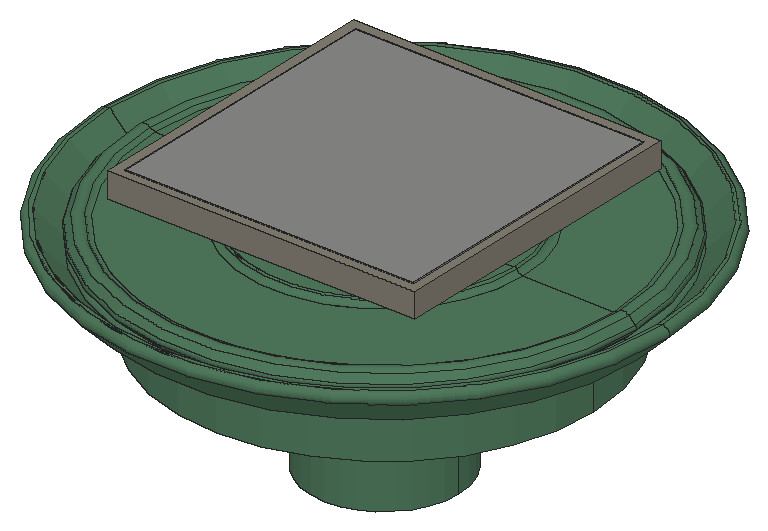
Revit family "Floor_Drain-Josam-30000-S", category Plumbing Fixtures, Revit 2012
Parameters (values of type "2In Diameter")
  X = 0' - 0 7/8"
  URL = "http://www.josam.com/catalog/JOS/pl=F/30000-S"
  Top Cleanout = Metal - Josam - Plate - Mesh
  Product Type = "Square Top"  # constant formula
  Product Page URL = "http://www.josam.com/catalog/line/F"
  Product Line = "Josam"  # constant formula
  Pipe Size Radius = Pipe Size Diameter / 2  # 0' - 1"
  Pipe Size Diameter = 0' - 2"
  Default Elevation = 4' - 0"
  Outer Cleanout Body = Metal - Josam - Anodized- Dark Bronze Satin
  Model = "30000-S"  # constant formula
  Manufacturer Toll Free Phone = "800-365-6726"  # constant formula
  Manufacturer Phone = "800-365-6726"  # constant formula
  Manufacturer Fax = "800-627-0008"  # constant formula
  Manufacturer Email = "custserv@josam.com"
  Manufacturer Address = "525 W. US Hwy 20, Michigan City, IN 46360"  # constant formula
  Manufacturer = "Josam Company"  # constant formula
  Inner Cleanout body = Metal - Josam - Brass - Satin
  Description = "Floor drain - cast iron"  # constant formula
  Subcategory = "Floor Drain"  # constant formula
  B = 0' - 5"
  Assembly Code = ""
  95 CSI = ""
  04 CSI = "22 40 00"  # constant formula
Types (4): name | Pipe Size Radius | Pipe Size Diameter
  (no name) | 0' - 1" | 0' - 2"
  2In Diameter | 0' - 1" | 0' - 2"
  3In Diameter | 0' - 1 1/2" | 0' - 3"
  4In Diameter | 0' - 2" | 0' - 4"
Reference planes (in)
  plane 1 "Center (Front/Back)": y = 0
  plane 2: z = 0
  plane 3 "Center (Left/Right)": x = 0.28125
  plane 4: x = 4.90625
  plane 5: x = -4.34375
  plane 6: z = -0.875
  plane 7: z = -4.5
Dimensions and locks (in)
  plane 5 to plane 4 = 0' - 9 1/4"  (x2)
  equal spacing: plane 5, plane 3 "Center (Left/Right)", plane 4
  "X": level to plane 6
  plane 6 to plane 7 = 0' - 3 5/8"
  aligned and locked: level to plane 2
  aligned and locked: plane 3 "Center (Left/Right)" to nested 1
  aligned and locked: plane 1 "Center (Front/Back)" to nested 1
Nested families (in)
  nested 1: "30000-S" at (0, 0, 0), type "4""
Connectors (in)
  piping at (0.28125, 0, -4.5), driven by "Pipe Size Radius"
    settings: on nested 1, index 1, connector radius 1", flow factor 0, pipe flow 0 GPM, pressure drop 0.00 psi, fitting loss kfactor 0, connector angle 0.00°, fixture units 0, engagement length 0' - 0", flow configuration 0, flow direction 0, fitting loss method 0, system type 16, joint type 0, gender type 0, connector reference index -1, connector utility 0, adjustable connector no, is connector primary yes, fitting loss table "", connector description ""
Definition of nested family "30000-S"
  Parameters (values of type "4"")
    X = 0' - 0 7/8"
    URL = "http://www.josam.com/"
    Top Cleanout = Metal - Josam - Plate - Mesh
    Pipe Size Radius = Pipe Size Diameter / 2  # 0' - 1"
    Pipe Size Diameter = 0' - 2"
    Body Height = 0' - 3 5/8"
    Outer Cleanout Body = Metal - Josam - Anodized- Dark Bronze Satin
    Model = "30000 -S"  # constant formula
    Manufacturer = "Josam, LLC"  # constant formula
    Inner Cleanout body = Metal - Josam - Brass - Satin
    Description = "30000-SFloor Drain With Adjudtable Stainer"  # constant formula
    B = 0' - 5"
    Assembly Code = "D2030300"
  Reference planes (in)
    plane 1 "Center (Front/Back)": y = 0
    plane 2: z = 0
    plane 3 "Center (Left/Right)": x = 0.28125
    plane 4: x = 4.90625
    plane 5: x = -4.34375
    plane 6: y = 1.91
    plane 7: y = -1.91
    plane 8: z = -0.875
    plane 9: x = 2.08203
    plane 10: x = -1.51953
    plane 11: x = -2.21875
    plane 12: x = 2.78125
    plane 13: z = -0.40065
    plane 14: y = 2.5
    plane 15: y = -2.5
    plane 16: z = -4.5
    plane 17: x = -0.71875
    plane 18: z = 0.125
  Forms (in)
    Revolve 1, solid, material "Metal - Josam - Anodized- Dark Bronze Satin" <- "Outer Cleanout Body", detail levels fine
      sketch origin (0, 0, -0.15444) x (1, 0, 0) y (0, 0, 1)
        loop
          arc (-4.24213, -0.72056) -> (-4.33588, -0.78321) -> (-4.31389, -0.89379) r 0.10148
          line (-4.31389, -0.89379) -> (-3.82962, -1.37806) -> (-3.1247, -1.37806) -> (-3.1247, -2.3804) -> (-2.44642, -2.3804) -> (-2.44642, -1.51256)
          arc (-2.44642, -1.51256) -> (-2.59373, -1.2112) -> (-2.90627, -1.08942) r 0.46107
          line (-2.90627, -1.08942) -> (-3.57023, -1.08942)
          arc (-3.57023, -1.08942) -> (-3.68187, -1.14814) -> (-3.79986, -1.10354) r 0.15369
          line (-3.79986, -1.10354) -> (-4.18283, -0.72056) -> (-4.24213, -0.72056)
        axis (0.28125, -0.72056) -> (0.28125, -2.3804)
      angle from 0 to 360
    Revolve 2, solid, material "Metal - Josam - Anodized- Dark Bronze Satin" <- "Outer Cleanout Body", detail levels fine
      sketch origin (0, 0, -0.15444) x (1, 0, 0) y (0, 0, 1)
        loop
          line (-2.50238, -2.41479) -> (-0.92677, -2.64442) -> (-0.92677, -4.34556) -> (-0.71875, -4.34556) -> (-0.71875, -2.3804) -> (-2.50238, -2.3804) -> (-2.50238, -2.41479)
        axis (0.28125, -4.34556) -> (0.28125, -2.3804)
      angle from 0 to 360
    Revolve 3, solid, material "Metal - Josam - Anodized- Dark Bronze Satin" <- "Outer Cleanout Body", detail levels fine
      sketch origin (0, 0, -0.15444) x (1, 0, 0) y (0, 0, 1)
        loop
          line (-1.97703, -0.80417) -> (-3.44442, -0.80417)
          arc (-3.44442, -0.80417) -> (-3.48789, -0.79623) -> (-3.52575, -0.77343) r 0.12295
          arc (-3.52575, -0.77343) -> (-3.61413, -0.7429) -> (-3.69843, -0.78337) r 0.12295
          line (-3.69843, -0.78337) -> (-3.79102, -0.88593)
          arc (-3.79102, -0.88593) -> (-3.80687, -0.92712) -> (-3.79102, -0.96832) r 0.06148
          line (-3.79102, -0.96832) -> (-3.69844, -1.07087)
          arc (-3.69844, -1.07087) -> (-3.61414, -1.11135) -> (-3.52575, -1.08081) r 0.12295
          arc (-3.52575, -1.08081) -> (-3.48789, -1.05801) -> (-3.44442, -1.05007) r 0.12295
          line (-3.44442, -1.05007) -> (-1.89918, -1.05007)
          arc (-1.89918, -1.05007) -> (-1.7149, -0.97955) -> (-1.62449, -0.80417) r 0.27664
          line (-1.62449, -0.80417) -> (-1.5199, -0.72056) -> (-1.83845, -0.72056)
          arc (-1.83845, -0.72056) -> (-1.85586, -0.72541) -> (-1.86826, -0.73855) r 0.0337
          arc (-1.86826, -0.73855) -> (-1.91351, -0.7865) -> (-1.97703, -0.80417) r 0.12295
        axis (0.28125, -0.72056) -> (0.28125, -1.08081)
      angle from 0 to 360
    Revolve 4, solid, material "Metal - Josam - Brass - Satin" <- "Inner Cleanout body", detail levels fine
      sketch origin (0, 0, -0.15444) x (1, 0, 0) y (0, 0, 1)
        loop
          line (2.08203, -1.3763) -> (2.08203, -0.26975) -> (2.56619, -0.24621) -> (2.32437, -0.24621) -> (1.99719, -0.14052) -> (1.99719, -0.38642) -> (1.92834, -0.38642) -> (1.92834, -1.3763) -> (2.08203, -1.3763)
        axis (0.28125, -0.14052) -> (0.28125, -1.3763)
      angle from 0 to 360
    Sweep 5, solid, material "Metal - Josam - Brass - Satin" <- "Inner Cleanout body", detail levels fine
      path origin (0, 0, -0.15444) x (1, 0, 0) y (0, 1, 0)
        loop
          line (-2.21875, 2.5) -> (-2.21875, -2.5) -> (2.78125, -2.5) -> (2.78125, 2.5) -> (-2.21875, 2.5)
      profile origin (-2.21875, 0, -0.15444) x (1, 0, 0) y (0, 0, 1)
        loop
          line (0.3417, -0.24621) -> (0.3417, -0.09147) -> (0.1537, -0.09147) -> (0.1537, 0.15444) -> (0.00002, 0.15444) -> (0.00002, -0.24621) -> (0.3417, -0.24621)
    Extrusion 6, solid, material "Metal - Josam - Plate - Mesh" <- "Top Cleanout", detail levels fine
      sketch origin (0, 0, -0.15444) x (1, 0, 0) y (0, 1, 0)
        loop
          line (-2.06505, -2.3463) -> (2.62754, -2.3463) -> (2.62754, 2.3463) -> (-2.06505, 2.3463) -> (-2.06505, -2.3463)
      from 0 to 0.15444
  Lines and regions (in)
    Masking region 1, detail levels fine
      outline origin (-10.72583, -180, 0.125) x (-1, 0, 0) y (0, -1, 0)
        loop
          circle (-11.00708, -180) r 4.62782
    model lines, detail levels coarse+medium
      curve 1: line (0.28125, 0, 0) -> (0.28125, 0, -4.5)
      curve 2: line (-2.21874, 0, 0) -> (2.78123, 0, 0)
      curve 3: line (-1.92677, 0, -4.5) -> (2.48927, 0, -4.5)
    symbolic lines, detail levels fine
      curve 4: line (-2.21874, 2.49998, 0) -> (2.78123, 2.49998, 0)
      curve 5: line (-2.21874, -2.49998, 0) -> (-2.21874, 2.49998, 0)
      curve 6: line (2.78123, -2.49998, 0) -> (-2.21874, -2.49998, 0)
      curve 7: line (2.78123, 2.49998, 0) -> (2.78123, -2.49998, 0)
  Dimensions and locks (in)
    plane 5 to plane 4 = 0' - 9 1/4"
    equal spacing: plane 6, plane 1 "Center (Front/Back)", plane 7, locked at 1.91 each
    locked: Revolve 2 sketch curve to Revolve 2 sketch curve at 0.03439
    Revolve 4 sketch curve to Revolve 4 sketch curve to Revolve 4 sketch curve to Revolve 4 sketch curve = 0' - 0.12923" locked, 0' - 0.11668" locked, 0' - 0.98988" locked
    Revolve 4 sketch curve to Revolve 4 sketch curve to Revolve 4 sketch curve to Revolve 4 sketch curve = 0' - 0.08484" locked, 0' - 0" locked, 0' - 0.06885" locked
    plane 9 to plane 10 = 0' - 3 77/128"
    equal spacing: Revolve 4 sketch curve, Revolve 4 sketch curve, Revolve 4 sketch curve, Revolve 4 sketch curve
    plane 11 to plane 12 = 0' - 5"
    "B": plane 11 to plane 12
    Sweep 5 sketch curve to Sweep 5 sketch curve to Sweep 5 sketch curve to Sweep 5 sketch curve to Sweep 5 sketch curve to Sweep 5 sketch curve = 0' - 0" locked, 0' - 0.15369" locked, 0' - 0" locked, 0' - 0.18799" locked, 0' - 0" locked
    plane 14 to plane 15 = 0' - 5"
    "B": plane 14 to plane 15
    "X": level to plane 8
    "Body Height": plane 8 to plane 16
    "Pipe Size Radius": Revolve 2 sketch curve to plane 3 "Center (Left/Right)"
    locked: Revolve 2 sketch curve to Revolve 2 sketch curve at 0.20802
    locked: Revolve 2 sketch curve to plane 5 at 1.84137
    aligned and locked: level to plane 2
    aligned and locked: Revolve 1 to Revolve 3 sketch curve
    aligned and locked: Extrusion 6 sketch curve to Sweep 5  (x4)
    aligned and locked: Revolve 2 sketch curve to Revolve 1
    aligned and locked: plane 11 to Sweep 5 sketch curve
    aligned and locked: plane 12 to Sweep 5 sketch curve
    aligned and locked: plane 13 to Revolve 4
    aligned and locked: Sweep 5 sketch curve to plane 13
    aligned and locked: plane 14 to Sweep 5 sketch curve
    aligned and locked: plane 15 to Sweep 5 sketch curve
    aligned and locked: curve 2 to Sweep 5
    aligned and locked: Sweep 5 to curve 2
    aligned and locked: Revolve 2 sketch curve to plane 16
    aligned and locked: curve 3 to plane 16
  Automatic sketch dimensions
    Revolve 1 sketch curve to plane 8 = 0' - 0"
    Revolve 1 sketch curve to plane 3 "Center (Left/Right)" = 0' - 0"
    Revolve 1 sketch curve to plane 8 = 0' - 0.79199"
    Revolve 1 sketch curve to Revolve 1 sketch curve = 0' - 0.4595"
    Revolve 1 sketch curve to Revolve 1 sketch curve = 0' - 0.00034"
    Revolve 1 sketch curve to Revolve 1 sketch curve = 0' - 0.67828"
    Revolve 1 sketch curve to Revolve 1 sketch curve = 0' - 0.44553"
    Revolve 1 sketch curve to Revolve 1 sketch curve = 0' - 0.12107"
    Revolve 1 sketch curve to Revolve 1 sketch curve = 0' - 0.10856"
    Revolve 1 sketch curve to Revolve 1 sketch curve = 0' - 0.02976"
    plane 5 to Revolve 1 sketch curve = 0' - 0.16092"
    plane 5 to Revolve 1 sketch curve = 0' - 0.10162"
    plane 5 to Revolve 1 sketch curve = 0' - 0.02986"
    Revolve 1 sketch curve to Revolve 1 sketch curve = 0' - 0.03792"
    Revolve 1 sketch curve to Revolve 1 sketch curve = 0' - 0.86784"
    Revolve 1 sketch curve to Revolve 1 sketch curve = 0' - 0.28864"
    Revolve 1 sketch curve to plane 8 = 0' - 0.38396"
    Revolve 1 sketch curve to Revolve 1 sketch curve = 0' - 0.01412"
    Revolve 1 sketch curve to plane 8 = 0' - 0.17323"
    plane 8 to Revolve 1 sketch curve = 0' - 0.11604"
    Revolve 2 sketch curve to plane 3 "Center (Left/Right)" = 0' - 0"
    Revolve 2 sketch curve to Revolve 2 sketch curve = 0' - 0.26402"
    Revolve 2 sketch curve to Revolve 2 sketch curve = 0' - 0.7513"
    Revolve 2 sketch curve to Revolve 2 sketch curve = 0' - 0.72631"
    Revolve 3 sketch curve to plane 3 "Center (Left/Right)" = 0' - 0"
    Revolve 3 sketch curve to plane 8 = 0' - 0"
    Revolve 3 sketch curve to Revolve 3 sketch curve = 0' - 0.10458"
    Revolve 3 sketch curve to Revolve 3 sketch curve = 0' - 0.21396"
    Revolve 3 sketch curve to Revolve 3 sketch curve = 0' - 0.02981"
    Revolve 3 sketch curve to Revolve 3 sketch curve = 0' - 0"  (x9)
    Revolve 3 sketch curve to Revolve 3 sketch curve = 0' - 0.06073"
    Revolve 3 sketch curve to Revolve 3 sketch curve = 0' - 0.03116"
    plane 8 to Revolve 3 sketch curve = 0' - 0.03934"
    Revolve 3 sketch curve to Revolve 3 sketch curve = 0' - 0.07761"
    Revolve 3 sketch curve to plane 8 = 0' - 0.32951"
    plane 5 to Revolve 3 sketch curve = 0' - 0.89933"
    Revolve 3 sketch curve to plane 8 = 0' - 0.08361"  (x2)
    Revolve 3 sketch curve to Revolve 3 sketch curve = 0' - 0.08132"  (x4)
    Revolve 3 sketch curve to plane 8 = 0' - 0.05287"
    Revolve 3 sketch curve to plane 8 = 0' - 0.0628"
    Revolve 3 sketch curve to Revolve 3 sketch curve = 0' - 0.09136"
    Revolve 3 sketch curve to Revolve 3 sketch curve = 0' - 0.09137"
    Revolve 3 sketch curve to Revolve 3 sketch curve = 0' - 0.04695"
    Revolve 3 sketch curve to Revolve 3 sketch curve = 0' - 0.04563"  (x2)
    Revolve 3 sketch curve to plane 8 = 0' - 0.16536"
    Revolve 3 sketch curve to Revolve 3 sketch curve = 0' - 0.18494"
    Revolve 3 sketch curve to Revolve 3 sketch curve = 0' - 0.08239"
    Revolve 3 sketch curve to Revolve 3 sketch curve = 0' - 0.04119"
    plane 8 to Revolve 3 sketch curve = 0' - 0.21564"
    Revolve 4 sketch curve to plane 3 "Center (Left/Right)" = 0' - 0"
    plane 9 to Revolve 4 sketch curve = 0' - 0"
    Revolve 4 sketch curve to plane 9 = 0' - 0.24233"
    Revolve 4 sketch curve to Revolve 4 sketch curve = 0' - 0.24183"
    Revolve 4 sketch curve to plane 8 = 0' - 0.65574"
    plane 8 to Revolve 4 sketch curve = 0' - 0.49719"
    Revolve 4 sketch curve to Revolve 4 sketch curve = 0' - 0 1/4"
    Revolve 4 sketch curve to level = 0' - 0.40065"
    Sweep 5 sketch curve to profile plane = 0' - 0"
    Sweep 5 sketch curve to profile plane = 0' - 0.09147"
    profile plane to Sweep 5 sketch curve = 0' - 0.15444"
    plane 5 to Revolve 1 sketch curve = 0' - 0.51413"
    Revolve 3 sketch curve to Revolve 3 sketch curve = 0' - 1.4674"
    plane 7 to curve 6 = 0' - 0.58998"
    plane 5 to curve 6 = 0' - 2 1/8"
    plane 4 to curve 6 = 0' - 2 1/8"
    plane 6 to curve 5 = 0' - 0.58998"
    curve 1 to plane 3 "Center (Left/Right)" = 0' - 0"
    curve 2 to level = 0' - 0"
    curve 3 to plane 17 = 0' - 1.20802"
    curve 1 to curve 3 = 0' - 2.20802"
    plane 1 "Center (Front/Back)" to Masking region 1 sketch curve = 0' - 0"
    Masking region 1 sketch curve to plane 3 "Center (Left/Right)" = 0' - 0"
    radius of Masking region 1 sketch curve = 0' - 4.62782"
